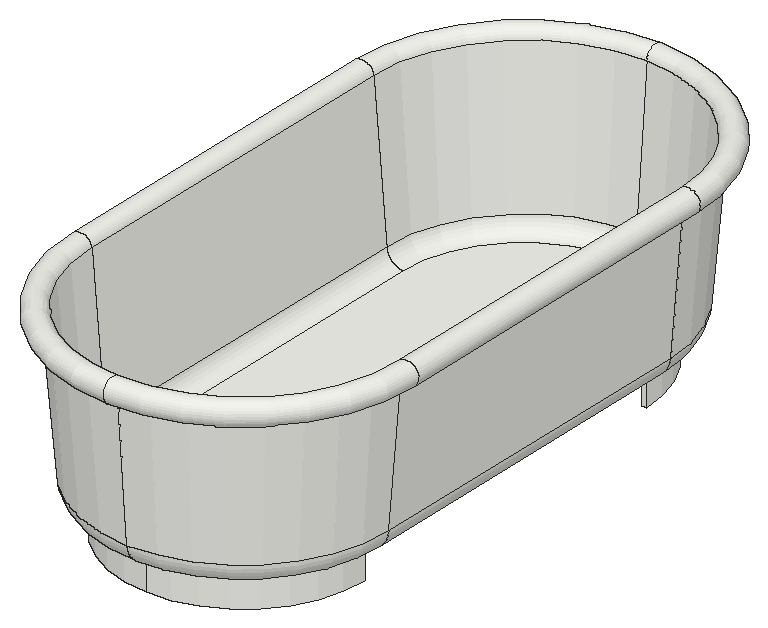
Revit family
Parameters (values of type "760 x 1525mm")
  높이 = 460.00 mm
  길이 = 1525.00 mm
  욕조 재료 = 자기 - 아이보리색
  폭 = 760.00 mm
Reference planes
  plane 1 "중심(앞/뒤)": y = 0
  plane 2: z = 0
  plane 3 "중심(왼쪽/오른쪽)": x = 0
  plane 4: x = 380
  plane 5: x = -380
  plane 6: y = 762.5
  plane 7: y = -762.5
  plane 8: z = 434.6
  plane 9: z = 66.3
  plane 10: z = 460
Forms (mm)
  Sweep 1, solid, material "자기 - 아이보리색"
    path origin (0, 0, 434.6) x (1, 0, 0) y (0, 1, 0)
      loop
        arc (329.2, 382.5) -> (232.78, 615.28) -> (0, 711.7) r 329.2
        arc (0, 711.7) -> (-232.78, 615.28) -> (-329.2, 382.5) r 329.2
        line (-329.2, 382.5) -> (-329.2, -382.5)
        arc (-329.2, -382.5) -> (-232.78, -615.28) -> (0, -711.7) r 329.2
        arc (0, -711.7) -> (232.78, -615.28) -> (329.2, -382.5) r 329.2
        line (329.2, -382.5) -> (329.2, 382.5)
    profile origin (0, 0, 434.6) x (1, 0, 0) y (0, 0, 1)
      loop
        line (329.456, 3.598) -> (301.237, -318.943)
        arc (301.237, -318.943) -> (289.022, -343.713) -> (263.282, -353.723) r 38.1
        line (263.282, -353.723) -> (263.282, -368.646)
        arc (263.282, -368.646) -> (299.105, -354.716) -> (316.105, -320.244) r 53.024
        line (316.105, -320.244) -> (341.9, -25.4) -> (354.6, -25.4)
        arc (354.6, -25.4) -> (373.791, 16.64) -> (329.456, 3.598) r 25.4
  Extrusion 2, solid, material "자기 - 아이보리색"
    sketch origin (0, 0, 66.3) x (0, -1, 0) y (1, 0, 0)
      loop
        line (-382.5, -263.282) -> (382.5, -263.282)
        arc (382.5, -263.282) -> (568.669, -186.169) -> (645.782, 0) r 263.282
        arc (645.782, 0) -> (568.669, 186.169) -> (382.5, 263.282) r 263.282
        line (382.5, 263.282) -> (-382.5, 263.282)
        arc (-382.5, 263.282) -> (-568.669, 186.169) -> (-645.782, 0) r 263.282
        arc (-645.782, 0) -> (-568.669, -186.169) -> (-382.5, -263.282) r 263.282
    from 0 to 15.081
  Extrusion 3, solid, material "자기 - 아이보리색"
    sketch origin (0, 0, 0) x (1, 0, 0) y (0, 1, 0)
      loop
        arc (-263.282, -382.5) -> (-186.169, -568.669) -> (0, -645.782) r 263.282
        arc (0, -645.782) -> (186.169, -568.669) -> (263.282, -382.5) r 263.282
        line (263.282, -382.5) -> (253, -382.5)
        arc (253, -382.5) -> (178.898, -561.398) -> (0, -635.5) r 253
        arc (0, -635.5) -> (-178.898, -561.398) -> (-253, -382.5) r 253
        line (-253, -382.5) -> (-263.282, -382.5)
    from 0 to 66.3
  Extrusion 4, solid, material "자기 - 아이보리색"
    sketch origin (0, 0, 0) x (1, 0, 0) y (0, 1, 0)
      loop
        arc (-253, 382.5) -> (-178.898, 561.398) -> (0, 635.5) r 253
        arc (0, 635.5) -> (178.898, 561.398) -> (253, 382.5) r 253
        line (253, 382.5) -> (263.282, 382.5)
        arc (263.282, 382.5) -> (186.169, 568.669) -> (0, 645.782) r 263.282
        arc (0, 645.782) -> (-186.169, 568.669) -> (-263.282, 382.5) r 263.282
        line (-263.282, 382.5) -> (-253, 382.5)
    from 0 to 66.3
Cuts and joins
  joined: Sweep 1, Extrusion 2, Extrusion 4
Lines and regions (mm)
  Masking region 1
    outline origin (0, 0, 0) x (1, 0, 0) y (0, 1, 0)
      loop
        arc (-25.4, 762.5) -> (-276.14, 658.64) -> (-380, 407.9) r 354.6
        line (-380, 407.9) -> (-380, -407.9)
        arc (-380, -407.9) -> (-276.14, -658.64) -> (-25.4, -762.5) r 354.6
        line (-25.4, -762.5) -> (25.4, -762.5)
        arc (25.4, -762.5) -> (276.14, -658.64) -> (380, -407.9) r 354.6
        line (380, -407.9) -> (380, 407.9)
        arc (380, 407.9) -> (276.14, 658.64) -> (25.4, 762.5) r 354.6
        line (25.4, 762.5) -> (-25.4, 762.5)
  symbolic lines
    curve 1: line (-25.4, 762.5, 0) -> (25.4, 762.5, 0)
    curve 2: line (-380, -407.9, 0) -> (-380, 407.9, 0)
    curve 3: line (25.4, -762.5, 0) -> (-25.4, -762.5, 0)
    curve 4: line (380, 407.9, 0) -> (380, -407.9, 0)
    curve 5: arc (-25.4, 762.5, 0) -> (-276.14, 658.64, 0) -> (-380, 407.9, 0) r 354.6
    curve 6: arc (25.4, 762.5, 0) -> (276.14, 658.64, 0) -> (380, 407.9, 0) r 354.6
    curve 7: arc (-25.4, -762.5, 0) -> (-276.14, -658.64, 0) -> (-380, -407.9, 0) r 354.6
    curve 8: arc (380, -407.9, 0) -> (276.14, -658.64, 0) -> (25.4, -762.5, 0) r 354.6
    curve 9: line (-329.2, -382.5, 0) -> (-329.2, 382.5, 0)
    curve 10: line (329.2, 382.5, 0) -> (329.2, -382.5, 0)
    curve 11: arc (-329.2, 382.5, 0) -> (0, 711.7, 0) -> (329.2, 382.5, 0) r 329.2
    curve 12: arc (-329.2, -382.5, 0) -> (0, -711.7, 0) -> (329.2, -382.5, 0) r 329.2
    curve 13: arc (25.4, 407.9, 0) -> (0, 433.3, 0) -> (-25.4, 407.9, 0) r 25.4
    curve 14: arc (-25.4, 407.9, 0) -> (0, 382.5, 0) -> (25.4, 407.9, 0) r 25.4
Dimensions and locks
  equal spacing: plane 5, plane 3 "중심(왼쪽/오른쪽)", plane 4
  equal spacing: plane 7, plane 1 "중심(앞/뒤)", plane 6
  "폭": plane 5 to plane 4
  "길이": plane 7 to plane 6
  locked: plane 9 to plane 8 at 368.3
  locked: plane 8 to plane 10 at 25.4
  "높이": plane 2 to plane 10
  locked: Sweep 1 sketch curve to plane 6 at 50.8
  locked: plane 7 to Sweep 1 sketch curve at 50.8
  locked: plane 7 to Extrusion 2 sketch curve at 116.718
  locked: plane 7 to Extrusion 3 sketch curve at 116.718
  locked: Extrusion 4 sketch curve to plane 6 at 116.718
  locked: Extrusion 4 sketch curve to plane 4 at 116.718
  aligned and locked: Extrusion 3 to plane 9
  aligned and locked: Extrusion 4 to plane 9
  aligned and locked: Masking region 1 sketch curve to curve 2
  aligned and locked: Masking region 1 sketch curve to curve 7
  aligned and locked: Masking region 1 sketch curve to curve 4
  aligned and locked: Masking region 1 sketch curve to curve 6
Automatic sketch dimensions
  curve 7 to plane 5 = 0.00 mm
  curve 5 to plane 6 = 0.00 mm
  curve 3 to plane 7 = 0.00 mm
  curve 13 to plane 3 "중심(왼쪽/오른쪽)" = 0.00 mm
  curve 11 to plane 3 "중심(왼쪽/오른쪽)" = 0.00 mm
  curve 4 to plane 4 = 0.00 mm
  curve 11 to plane 5 = 50.80 mm
  curve 14 to plane 3 "중심(왼쪽/오른쪽)" = 25.40 mm
  curve 5 to plane 3 "중심(왼쪽/오른쪽)" = 25.40 mm
  curve 7 to plane 3 "중심(왼쪽/오른쪽)" = 25.40 mm
  plane 3 "중심(왼쪽/오른쪽)" to curve 3 = 25.40 mm
  curve 6 to curve 13 = 0.00 mm
  curve 4 to curve 10 = 25.40 mm
  curve 9 to curve 2 = 25.40 mm
  curve 13 to curve 6 = 0.00 mm
  Sweep 1 sketch curve to plane 8 = 0.00 mm
  profile plane to Sweep 1 sketch curve = 65.918 mm
  profile plane to Sweep 1 sketch curve = 27.963 mm
  profile plane to Sweep 1 sketch curve = 13.095 mm
  Sweep 1 sketch curve to profile plane = 0.256 mm
  Sweep 1 sketch curve to profile plane = 12.70 mm
  Sweep 1 sketch curve to Sweep 1 sketch curve = 12.70 mm
  Sweep 1 sketch curve to Sweep 1 sketch curve = 25.40 mm
  Sweep 1 sketch curve to Sweep 1 sketch curve = 290.223 mm
  Sweep 1 sketch curve to Sweep 1 sketch curve = 0.00 mm
  Sweep 1 sketch curve to Sweep 1 sketch curve = 3.321 mm
  Sweep 1 sketch curve to Sweep 1 sketch curve = 1.301 mm
  Sweep 1 sketch curve to plane 3 "중심(왼쪽/오른쪽)" = 0.00 mm  (x2)
  Sweep 1 sketch curve to plane 5 = 50.80 mm
  plane 4 to Sweep 1 sketch curve = 50.80 mm
  Extrusion 2 sketch curve to plane 3 "중심(왼쪽/오른쪽)" = 0.00 mm  (x2)
  plane 6 to Extrusion 2 sketch curve = 116.718 mm
  plane 4 to Extrusion 2 sketch curve = 116.718 mm
  Extrusion 2 sketch curve to Extrusion 2 sketch curve = 0.00 mm
  Extrusion 3 sketch curve to plane 3 "중심(왼쪽/오른쪽)" = 0.00 mm  (x2)
  Extrusion 3 sketch curve to plane 5 = 127.00 mm
  Extrusion 3 sketch curve to Extrusion 3 sketch curve = 10.282 mm
  plane 4 to Extrusion 3 sketch curve = 127.00 mm
  Extrusion 4 sketch curve to plane 3 "중심(왼쪽/오른쪽)" = 0.00 mm  (x2)
  Extrusion 4 sketch curve to plane 5 = 127.00 mm
  Extrusion 4 sketch curve to Extrusion 4 sketch curve = 10.282 mm
  Masking region 1 sketch curve to plane 3 "중심(왼쪽/오른쪽)" = 25.40 mm
  plane 3 "중심(왼쪽/오른쪽)" to Masking region 1 sketch curve = 25.40 mm
